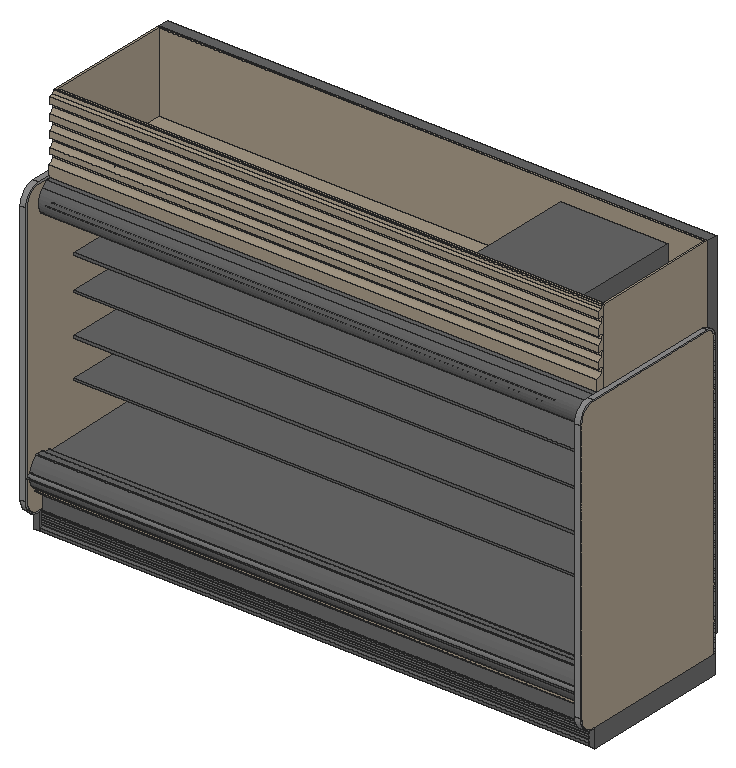
Revit family "O5DMA", category Mechanical Equipment, Revit 2019 (continued)
Connectors (in)
  electrical at (4.17216, -25.68744, 2.69807)
    settings: on Extrusion 34, index 27, voltage 120 V, apparent load 0 VA, apparent load phase1 0 VA, apparent load phase2 0 VA, apparent load phase3 0 VA, power factor 1, load classification "Lighting", number of poles 1, system type 30, power factor state 1, is connector primary yes, connector utility no, sub classification motor no, connector description "LIGHTS - STANDARD POWER (SHELF or CORNICE)"
  electrical at (6.17216, -25.68744, 2.69807)
    settings: on Extrusion 34, index 28, voltage 120 V, apparent load 0 VA, apparent load phase1 0 VA, apparent load phase2 0 VA, apparent load phase3 0 VA, power factor 1, load classification "Motor", number of poles 1, system type 30, power factor state 1, is connector primary no, connector utility no, sub classification motor no, connector description "HIGH EFFICIENCY FANS CONNECTION"
  electrical at (8.17216, -25.68744, 2.69807)
    settings: on Extrusion 34, index 29, voltage 120 V, apparent load 0 VA, apparent load phase1 0 VA, apparent load phase2 0 VA, apparent load phase3 0 VA, power factor 1, load classification "Power", number of poles 1, system type 30, power factor state 1, is connector primary no, connector utility no, sub classification motor no, connector description "ANTI-SWEAT CONNECTION"
Types (4): name | Systems Minimum Circuit Amps | Systems Maximum Overcurrent Protection | Running Load (RLA) Amps | Refgn | Number of Fans | Maximum Lights Watts | Maximum Lights Amps | Locked Rotor (LRA) Amps | Length of Cases | Length | Lbs. of Refrigerant | High Efficiency Watts | High Efficiency Amps | Height | Evaporator Pan Heater  Watts | Evaporator Pan Heater  Amps | Drain Pump Watts | Drain Pump Amps | DRAIN LINE | Condensed Horsepower | CENTER LINE
  4' | 20.7 A | 25 A | 9.6 A | 22 1/2" | 2 | 35 W | 0.29 A | 46 A | 48" | 48" | 4.5 | 28 W | 0.47 A | 101.65354" | 1500 W | 7.21 A | 47 W | 0.8 A | 36" | "1" | 24"
  6' | 25.06 A | 35 A | 12.6 A | 28 5/8" | 2 | 56 W | 0.47 A | 55 A | 0" | 72" | 5.2 | 28 W | 0.47 A | 101.65354" | 1500 W | 7.21 A | 47 W | 0.8 A | 36" | "1 - 3/4" | 36"
  8' | 24.67 A | 35 A | 12 A | 28 5/8" | 2 | 71 W | 0.59 A | 56 A | 0" | 96" | 5.2 | 35 W | 0.47 A | 101.65354" | 1500 W | 7.21 A | 47 W | 0.8 A | 48" | "2" | 48"
  12' | 25.3 A | 40 A | 18 A | 28 5/8" | 4 | 195 W | 1.62 A | 75 A | 0" | 144" | 8.1 | 70 W | 0.94 A | 101 21/32" | 0 W | 0 A | 0 W | 0 A | 72" | "" | 72"
